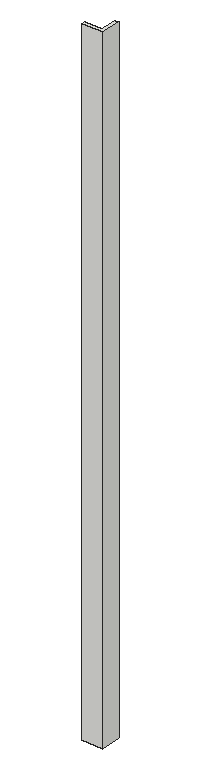
Revit family "Corner_Trim", category Generic Models, Revit 2020
Family settings
  Can host rebar = No
  Round Connector Dimension = Use Diameter
  Part Type = Normal
  Work Plane-Based = No
  Always vertical = Yes
  Cut with Voids When Loaded = No
  Shared = No
  Room Calculation Point = No
Parameters
  Trim Width 2 = 0' - 3 1/2"
  Trim Width 1 = 0' - 3 1/2"
  Trim Height [instance] = 9' - 0"
  Material = White_Finish
  Default Elevation = 0' - 0"
Reference planes (in)
  plane 1 "Center (Front/Back)": y = 0
  plane 2: z = 0
  plane 3 "Center (Left/Right)": x = 0
  plane 4: z = 108
  plane 5: z = 0
  plane 6: y = 9.42885
Forms (in)
  Extrusion 1, solid, material "White_Finish" <- "Material"
    sketch origin (-2.875, -0.99477, 0) x (1, 0, 0) y (0, 1, 0)
      loop
        line (0.125, 0.99477) -> (0.125, 0.24477) -> (3.625, 0.24477) -> (3.625, 3.74477) -> (2.875, 3.74477) -> (2.875, 0.99477) -> (0.125, 0.99477)
    from 0 to 108
Dimensions and locks (in)
  "Trim Height": plane 4 to plane 5
  "Trim Width 1": Extrusion 1 to Extrusion 1
  "Trim Width 2": Extrusion 1 to Extrusion 1
  locked: Extrusion 1 sketch curve to Extrusion 1 sketch curve at 0.75  (x2)
  aligned and locked: plane 2 to level
  aligned and locked: Extrusion 1 to level
  aligned and locked: plane 4 to Extrusion 1
  aligned and locked: plane 5 to level
  aligned and locked: Extrusion 1 to plane 3 "Center (Left/Right)"
  aligned and locked: Extrusion 1 to plane 1 "Center (Front/Back)"
Automatic sketch dimensions
  plane 3 "Center (Left/Right)" to Extrusion 1 sketch curve = 0' - 0"
  Extrusion 1 sketch curve to plane 1 "Center (Front/Back)" = 0' - 0"
  Extrusion 1 sketch curve to plane 6 = 0' - 6.67885"
  Extrusion 1 sketch curve to plane 3 "Center (Left/Right)" = 0' - 2 3/4"
